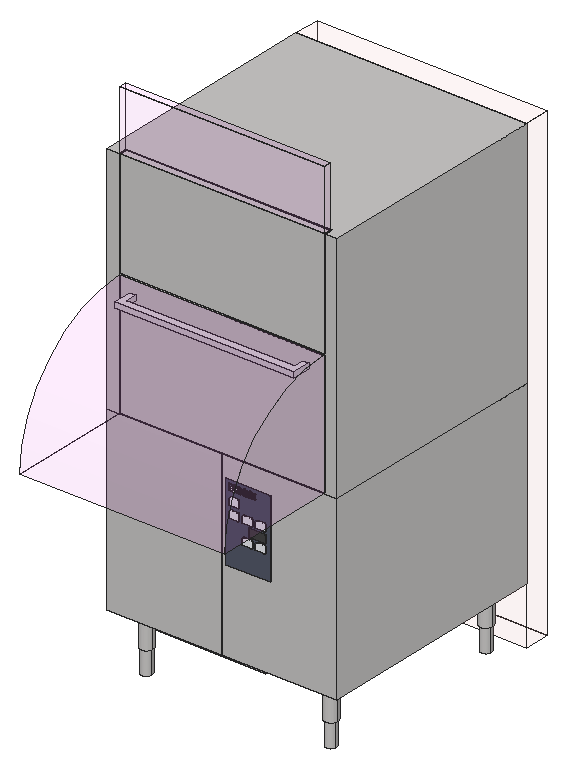
Revit family "QF_ELECTROLUXPROFESSIONAL_506049_EPPWESG60", category Attrezzature speciali, Revit 2020
Family settings
  Quota connettore circolare = Usa diametro
  Tipo di parte = Normale
  Basato su piano di lavoro = No
  Sempre verticale = Sì
  Taglio con vuoti quando caricato = No
  Condiviso = No
  Punto di calcolo locali = No
Parameters (values of type "Standard")
  Weight = 200.00 kg
  Watts = 13000 W
  Volts = 380 V
  URL Manufacturer = "https://www.electroluxprofessional.com/"
  URL = "https://www.electroluxprofessional.com/"
  Steam Supply Size = 0 mm
  Steam Supply Minimum Pressure = 0.0 Pa
  Steam Supply Maximum Pressure = 0.0 Pa
  Steam Consumption per Hour = 0
  Show Logo [instance] = yes
  Show Clearance [instance] = yes
  Refrigeration Suction Line Size = 0 mm
  Refrigeration Liquid Line Size = 0 mm
  Refrigerant Compressor Remote = yes
  Prospetto di default = 0 mm
  Produttore = "Electrolux Professional"
  Phase = 3
  Modello = "EPPWESG60"
  Length Actual = 876 mm  # constant formula
  Item Number = "506049"
  Hot Water Size = 19.05 mm
  Height Actual = 1791 mm  # constant formula
  HP = "17.4 HP"
  Gas Size = 0 mm
  Gas KW = 0
  Gas Input Pressure = 0 W
  Direct Waste Size = 20 mm
  Descrizione = "ELEC.POT&PAN WASH+DET-900MM-60HZ"
  Depth Actual = 900 mm  # constant formula
  Cycle = 60 Hz
  Condensate Return Size = 0 mm
  Compressed Air Volume = 0.0 L/s
  Compressed Air Size = 0 mm
  Compressed Air Pressure = 0.0 Pa
  Cold Water Size = 0 mm
  Accessory = yes
Reference planes
  plane 1 "Center (Front/Back)": y = 0
  plane 2: z = 0
  plane 3: x = -63
  plane 4 "LEFT": x = -501
  plane 5: x = 375
  plane 6: y = -450
  plane 7 "BACK": y = 450
  plane 8: z = 220
  plane 9: z = 115
  plane 10: z = 1791
Forms (mm)
  Extrusion 1, solid, material "QF_Finishes_Stainless Steel"
    sketch origin (88.519, -3.5, 0) x (1, 0, 0) y (0, 1, 0)
      loop
        line (-534.519, -88.5) -> (-534.519, -308.5) -> (-94.519, -308.5) -> (-94.519, -88.5) -> (-534.519, -88.5)
    from 115 to 220
  Extrusion 2, solid, material "QF_Finishes_Stainless Steel"
    sketch origin (0, 0, 0) x (1, 0, 0) y (0, 1, 0)
      loop
        line (-501, 450) -> (-501, -450) -> (-63, -450) -> (-63, 450) -> (-501, 450)
    from 220 to 904
  Extrusion 3, solid, material "QF_Finishes_Stainless Steel"
    sketch origin (0, 0, 0) x (1, 0, 0) y (0, 1, 0)
      loop
        line (-63, 450) -> (-63, -450) -> (375, -450) -> (375, 450) -> (-63, 450)
    from 220 to 904
  Extrusion 4, solid, material "QF_Finishes_Stainless Steel"
    sketch origin (0, 0, 0) x (1, 0, 0) y (0, 1, 0)
      loop
        line (-501, 450) -> (-501, -450) -> (-453, -450) -> (-453, -418) -> (327, -418) -> (327, -450) -> (375, -450) -> (375, 450) -> (-501, 450)
    from 904 to 1791
  Extrusion 5, solid, material "QF_Finishes_Stainless Steel"
    sketch origin (0, 0, 0) x (1, 0, 0) y (0, 1, 0)
      loop
        line (-453, -450) -> (327, -450) -> (327, -420) -> (-453, -420) -> (-453, -450)
    from 909 to 1377.938
  Extrusion 6, solid, material "QF_Finishes_Stainless Steel"
    sketch origin (0, 0, 0) x (1, 0, 0) y (0, 1, 0)
      loop
        line (-453, -450) -> (327, -450) -> (327, -420) -> (-453, -420) -> (-453, -450)
    from 1384.114 to 1791
  Extrusion 7, solid, material "QF_Finishes_Door Clearance", visible <- "Show Clearance"
    sketch origin (-229, -650, 546.718) x (0, 1, 0) y (0, 0, -1)
      loop
        line (200, -357.282) -> (-274, -357.282)
        arc (-274, -357.282) -> (-135.169, -692.45) -> (200, -831.282) r 474
        line (200, -831.282) -> (200, -357.282)
    from 224 to -556
  Extrusion 8, solid, material "QF_Finishes_Door Clearance", visible <- "Show Clearance"
    sketch origin (-229, -650, 1221.218) x (0, 1, 0) y (0, 0, -1)
      loop
        line (200, -569.782) -> (200, -798.782) -> (230, -798.782) -> (230, -569.782) -> (200, -569.782)
    from 224 to -556
  Extrusion 9, solid, material "QF_Finishes_Clearance", visible <- "Show Clearance"
    sketch origin (0, 0, 0) x (1, 0, 0) y (0, 1, 0)
      loop
        line (-501, 450) -> (375, 450) -> (375, 550) -> (-501, 550) -> (-501, 450)
    from 0 to 1791
  Extrusion 10, solid, material "QF_Finishes_Stainless Steel"
    sketch origin (-756.159, 1152.464, 214.383) x (1, 0, 0) y (0, 1, 0)
      loop
        circle (701.159, -772.464) r 10
    from -9.383 to 5.617
  Extrusion 11, solid, material "QF_Finishes_Stainless Steel"
    sketch origin (207.404, -238.023, 218) x (0, -1, 0) y (1, 0, 0)
      loop
        line (-163.023, 6.596) -> (-163.023, 26.596) -> (-183.023, 26.596) -> (-183.023, 6.596) -> (-163.023, 6.596)
    from 0 to 2
  Extrusion 12, solid, material "QF_Finishes_Stainless Steel"
    sketch origin (-127.596, 216.977, 218) x (0, -1, 0) y (1, 0, 0)
      loop
        line (-163.023, 6.596) -> (-163.023, 26.596) -> (-183.023, 26.596) -> (-183.023, 6.596) -> (-163.023, 6.596)
    from 0 to 2
  Extrusion 13, solid, material "QF_Finishes_Stainless Steel"
    sketch origin (-526.159, 606.464, 214.383) x (1, 0, 0) y (0, 1, 0)
      loop
        circle (701.159, -772.464) r 10
    from -9.383 to 5.617
  Extrusion 14, solid, material "QF_Finishes_Stainless Steel"
    sketch origin (-456.159, 516.464, 214.383) x (1, 0, 0) y (0, 1, 0)
      loop
        circle (701.159, -772.464) r 10
    from -9.383 to 5.617
Dimensions and locks
  equal spacing: plane 7 "BACK", plane 1 "Center (Front/Back)", plane 6
  plane 7 "BACK" to plane 6 = 900 mm  (x2)
  plane 4 "LEFT" to plane 5 = 876 mm
  equal spacing: Extrusion 2, Extrusion 4 sketch curve, Extrusion 4 sketch curve, Extrusion 4 sketch curve
  equal spacing: plane 5, plane 3, plane 4 "LEFT"
  plane 8 to level = 220 mm
  Extrusion 1 to Extrusion 1 = 220 mm
  Extrusion 1 to nested 2 to plane 6 = 59 mm, 79 mm
  Extrusion 9 to nested 1 to nested 2 = 83 mm, 738 mm
  plane 10 to level = 1791 mm
  Extrusion 8 to level = 2020 mm
  Extrusion 9 to Extrusion 7 = 1374 mm
  level to Extrusion 4 = 904 mm
  aligned and locked: level to plane 2
  aligned and locked: plane 8 to Extrusion 1
  aligned and locked: Extrusion 1 to plane 9
  aligned and locked: Extrusion 2 to plane 6
  aligned and locked: plane 7 "BACK" to Extrusion 2
  aligned and locked: Extrusion 2 to plane 4 "LEFT"
  aligned and locked: Extrusion 3 sketch curve to Extrusion 2  (x2)
  aligned and locked: plane 6 to Extrusion 3 sketch curve
  aligned and locked: Extrusion 3 sketch curve to plane 5
  aligned and locked: Extrusion 2 to plane 8
  aligned and locked: Extrusion 3 to plane 8
  aligned and locked: Extrusion 4 sketch curve to Extrusion 2  (x2)
  aligned and locked: Extrusion 5 sketch curve to plane 6
  aligned and locked: Extrusion 6 sketch curve to Extrusion 5  (x4)
  aligned and locked: Extrusion 6 to Extrusion 8 sketch curve
  aligned and locked: Extrusion 8 to Extrusion 6  (x2)
Automatic sketch dimensions
  plane 4 "LEFT" to Extrusion 1 sketch curve = 55 mm
  plane 3 to Extrusion 1 sketch curve = 57 mm
  plane 6 to Extrusion 1 sketch curve = 138 mm
  plane 1 "Center (Front/Back)" to Extrusion 1 sketch curve = 92 mm
  Extrusion 2 sketch curve to plane 4 "LEFT" = 0 mm
  Extrusion 2 sketch curve to plane 3 = 0 mm
  Extrusion 2 sketch curve to plane 6 = 0 mm
  Extrusion 2 sketch curve to plane 7 "BACK" = 0 mm
  Extrusion 4 sketch curve to plane 6 = 0 mm  (x2)
  Extrusion 4 sketch curve to plane 5 = 0 mm
  plane 4 "LEFT" to Extrusion 4 sketch curve = 48 mm
  Extrusion 4 sketch curve to Extrusion 4 sketch curve = 48 mm
  Extrusion 4 sketch curve to Extrusion 4 sketch curve = 32 mm
  plane 4 "LEFT" to Extrusion 5 sketch curve = 48 mm
  Extrusion 5 sketch curve to plane 5 = 48 mm
  Extrusion 5 sketch curve to Extrusion 5 sketch curve = 30 mm
  Extrusion 7 sketch curve to plane 6 = 0 mm
  Extrusion 7 sketch curve to plane 6 = 474 mm
  plane 10 to Extrusion 7 sketch curve = 413 mm
  Extrusion 8 sketch curve to plane 6 = 0 mm
  plane 10 to Extrusion 8 sketch curve = 0 mm
  Extrusion 8 sketch curve to Extrusion 8 sketch curve = 229 mm
  Extrusion 9 sketch curve to plane 4 "LEFT" = 0 mm
  Extrusion 9 sketch curve to plane 5 = 0 mm
  Extrusion 9 sketch curve to plane 7 "BACK" = 0 mm
  Extrusion 9 sketch curve to Extrusion 9 sketch curve = 100 mm
  Extrusion 10 sketch curve to plane 5 = 430 mm
  Extrusion 10 sketch curve to plane 7 "BACK" = 70 mm
  Extrusion 11 sketch curve to plane 7 "BACK" = 505 mm
  Extrusion 11 sketch curve to Extrusion 11 sketch curve = 20 mm  (x2)
  Extrusion 11 sketch curve to plane 5 = 161 mm
  Extrusion 12 sketch curve to plane 1 "Center (Front/Back)" = 400 mm
  Extrusion 12 sketch curve to Extrusion 12 sketch curve = 20 mm  (x2)
  Extrusion 12 sketch curve to plane 5 = 496 mm
  Extrusion 13 sketch curve to plane 5 = 200 mm
  Extrusion 13 sketch curve to plane 7 "BACK" = 616 mm
  Extrusion 14 sketch curve to plane 5 = 130 mm
  Extrusion 14 sketch curve to plane 7 "BACK" = 706 mm
  radius of Extrusion 10 sketch curve = 10 mm
  radius of Extrusion 13 sketch curve = 10 mm
  radius of Extrusion 14 sketch curve = 10 mm
Nested families
  nested 1: "Piedino H220 - DISHWASHING" at (288, 367, 0), type "Piedino H220 - DISHWASHING"
    with H 200 mm
  nested 2: "Piedino H220 - DISHWASHING" at (288, -371, 0), type "Piedino H220 - DISHWASHING"
    with H 200 mm
  nested 3: "Piedino H220 - DISHWASHING" at (-414, 367, 0) x (-1, 0, 0) z (0, 0, 1), type "Piedino H220 - DISHWASHING"
    with H 200 mm
  nested 4: "Piedino H220 - DISHWASHING" at (-414, -371, 0) x (-1, 0, 0) z (0, 0, 1), type "Piedino H220 - DISHWASHING"
    with H 200 mm
  nested 5: "MANIGLIA_DISHWASHING_SQUARE" at (-73, -450, 1321) x (1, 0, 0) z (0, -1, 0), type "MANIGLIA_DISHWASHING_SQUARE"
  nested 6: "Tastierino_LARGE_ROUNCORNER_DISHWASHING_BLUE" at (37, -450, 680) x (-1, 0, 0) z (0, -1, 0), type "Tastierino_LARGE_ROUNCORNER_DISHWASHING_BLUE"
    with Show Logo yes
  nested 7: "ELX_LOGO_MONO_SMALL_WHITE" at (-34.92, -450.8, 755) x (-1, 0, 0) z (0, -1, 0), type "ELX_LOGO_MONO_SMALL_WHITE"
    with Show Logo yes
  nested 8: "ELX_LOGO_WORDS_WHITE" at (27, -450.8, 804.211) x (1, 0, 0) z (0, -1, 0), type "ELX_LOGO_WORDS_WHITE"
    with Show Logo yes
Connectors
  piping at (-55, 380, 205), diameter 12.9
    settings: on Extrusion 10, index 48, connector inside diameter 609.6 mm, connector length 0 mm, flow factor 0, pipe flow 0.0 L/s, pressure drop 0.0 Pa, fitting loss kfactor 0, connector angle 0.00°, fixture units 0, engagement length 0 mm, angle of deflection 0.00°, flow configuration 0, flow direction 0, fitting loss method 0, system type 29, joint type 0, gender type 0, connector reference index -1, connector utility 0, adjustable connector no, is connector primary yes, connector description "D"
  electrical at (224, -65, 218)
    settings: on Extrusion 11, index 49, voltage 0 V, apparent load 0 VA, apparent load phase1 0 VA, apparent load phase2 0 VA, apparent load phase3 0 VA, power factor 1, load classification "Altro", number of poles 1, system type 30, power factor state 1, is connector primary yes, connector utility no, sub classification motor no, connector description "EI"
  electrical at (-111, 390, 218)
    settings: on Extrusion 12, index 50, voltage 0 V, apparent load 0 VA, apparent load phase1 0 VA, apparent load phase2 0 VA, apparent load phase3 0 VA, power factor 1, load classification "Altro", number of poles 1, system type 30, power factor state 1, is connector primary no, connector utility no, sub classification motor no, connector description "EQ"
  piping at (175, -166, 205), diameter 12.9
    settings: on Extrusion 13, index 51, connector inside diameter 609.6 mm, connector length 0 mm, flow factor 0, pipe flow 0.0 L/s, pressure drop 0.0 Pa, fitting loss kfactor 0, connector angle 0.00°, fixture units 0, engagement length 0 mm, angle of deflection 0.00°, flow configuration 0, flow direction 0, fitting loss method 0, system type 29, joint type 0, gender type 0, connector reference index -1, connector utility 0, adjustable connector no, is connector primary no, connector description "HWI"
  piping at (245, -256, 205), diameter 12.9
    settings: on Extrusion 14, index 52, connector inside diameter 609.6 mm, connector length 0 mm, flow factor 0, pipe flow 0.0 L/s, pressure drop 0.0 Pa, fitting loss kfactor 0, connector angle 0.00°, fixture units 0, engagement length 0 mm, angle of deflection 0.00°, flow configuration 0, flow direction 0, fitting loss method 0, system type 29, joint type 0, gender type 0, connector reference index -1, connector utility 0, adjustable connector no, is connector primary no, connector description "XD/XR"
Definition of nested family "Piedino H220 - DISHWASHING"
  Parameters (values of type "Piedino H220 - DISHWASHING")
    Default Elevation = 0 mm
    H [instance] = 200 mm
  Reference planes
    plane 1 "Centro (Fronte/Retro)": y = 0
    plane 2: z = 0
    plane 3 "Centro (Sinistra/Destra)": x = 0
    plane 4: z = 70.047
  Forms (mm)
    Revolve 1, solid
      sketch origin (55, 0, 0) x (-1, 0, 0) y (0, 0, -1)
        loop
          line (35, 0) -> (35, -90) -> (30, -90) -> (30, -220) -> (55, -220) -> (55, 0) -> (35, 0)
        axis (55, 0) -> (55, -220)
      angle from 0 to 360
  Dimensions and locks
    aligned and locked: level to plane 2
Definition of nested family "MANIGLIA_DISHWASHING_SQUARE"
  Parameters
    Default Elevation = 1219.2 mm
  Reference planes
    plane 1 "Centro (Fronte/Retro)": y = 0
    plane 2: z = 0
    plane 3 "Centro (Sinistra/Destra)": x = 0
    plane 4: z = 72
    plane 5: x = -340
    plane 6: x = 340
  Forms (mm)
    Extrusion 1, solid
      sketch origin (0, 0, 0) x (1, 0, 0) y (0, 1, 0)
        loop
          line (-1219.2, 1219.2) -> (-1219.2, -1219.2) -> (1219.2, -1219.2) -> (1219.2, 1219.2) -> (-1219.2, 1219.2)
      from 0 to -304.8
    Extrusion 2, solid
      sketch origin (0, 10.003, 0) x (1, 0, 0) y (0, 0, 1)
        loop
          line (-340, 0) -> (-320, 0) -> (-320, 42) -> (320, 42) -> (320, 0) -> (340, 0) -> (340, 72) -> (-340, 72) -> (-340, 0)
      from 0 to 20.005
  Dimensions and locks
    aligned and locked: plane 2 to Extrusion 1
    aligned and locked: level to Extrusion 1
Definition of nested family "Tastierino_LARGE_ROUNCORNER_DISHWASHING_BLUE"
  Parameters
    Show Logo [instance] = yes
    Default Elevation = 1219.2 mm
  Reference planes
    plane 1 "Centro (Fronte/Retro)": y = 0
    plane 2: z = 0
    plane 3 "Centro (Sinistra/Destra)": x = 0
  Forms (mm)
    Extrusion 1, solid
      sketch origin (0, 0, 0) x (1, 0, 0) y (0, 1, 0)
        loop
          line (-1219.2, 1219.2) -> (-1219.2, -1219.2) -> (1219.2, -1219.2) -> (1219.2, 1219.2) -> (-1219.2, 1219.2)
      from 0 to -304.8
    Extrusion 2, solid
      sketch origin (0, 0, 0) x (1, 0, 0) y (0, 1, 0)
        loop
          line (-84.444, 147.62) -> (-84.444, -147.62) -> (84.444, -147.62) -> (84.444, 147.62) -> (-84.444, 147.62)
        loop
          arc (-63.183, 58.723) -> (-64.598, 58.137) -> (-65.183, 56.723) r 2
          line (-65.183, 56.723) -> (-65.183, 30.723)
          arc (-65.183, 30.723) -> (-64.598, 29.308) -> (-63.183, 28.723) r 2
          line (-63.183, 28.723) -> (-40.183, 28.723)
          arc (-40.183, 28.723) -> (-29.577, 33.116) -> (-25.183, 43.723) r 15
          line (-25.183, 43.723) -> (-25.183, 56.723)
          arc (-25.183, 56.723) -> (-25.769, 58.137) -> (-27.183, 58.723) r 2
          line (-27.183, 58.723) -> (-63.183, 58.723)
        loop
          line (-65.183, 22.208) -> (-65.183, -7.792) -> (0, -7.792) -> (0, 22.208) -> (-65.183, 22.208)
        loop
          arc (-13.183, 58.723) -> (-14.598, 58.137) -> (-15.183, 56.723) r 2
          line (-15.183, 56.723) -> (-15.183, 30.723)
          arc (-15.183, 30.723) -> (-14.598, 29.308) -> (-13.183, 28.723) r 2
          line (-13.183, 28.723) -> (9.817, 28.723)
          arc (9.817, 28.723) -> (20.423, 33.116) -> (24.817, 43.723) r 15
          line (24.817, 43.723) -> (24.817, 56.723)
          arc (24.817, 56.723) -> (24.231, 58.137) -> (22.817, 58.723) r 2
          line (22.817, 58.723) -> (-13.183, 58.723)
        loop
          arc (-63.183, -16.277) -> (-64.598, -16.863) -> (-65.183, -18.277) r 2
          line (-65.183, -18.277) -> (-65.183, -44.277)
          arc (-65.183, -44.277) -> (-64.598, -45.692) -> (-63.183, -46.277) r 2
          line (-63.183, -46.277) -> (-40.183, -46.277)
          arc (-40.183, -46.277) -> (-29.577, -41.884) -> (-25.183, -31.277) r 15
          line (-25.183, -31.277) -> (-25.183, -18.277)
          arc (-25.183, -18.277) -> (-25.769, -16.863) -> (-27.183, -16.277) r 2
          line (-27.183, -16.277) -> (-63.183, -16.277)
        loop
          arc (-13.183, -16.277) -> (-14.598, -16.863) -> (-15.183, -18.277) r 2
          line (-15.183, -18.277) -> (-15.183, -44.277)
          arc (-15.183, -44.277) -> (-14.598, -45.692) -> (-13.183, -46.277) r 2
          line (-13.183, -46.277) -> (9.817, -46.277)
          arc (9.817, -46.277) -> (20.423, -41.884) -> (24.817, -31.277) r 15
          line (24.817, -31.277) -> (24.817, -18.277)
          arc (24.817, -18.277) -> (24.231, -16.863) -> (22.817, -16.277) r 2
          line (22.817, -16.277) -> (-13.183, -16.277)
        loop
          arc (36.817, -16.277) -> (35.402, -16.863) -> (34.817, -18.277) r 2
          line (34.817, -18.277) -> (34.817, -44.277)
          arc (34.817, -44.277) -> (35.402, -45.692) -> (36.817, -46.277) r 2
          line (36.817, -46.277) -> (59.817, -46.277)
          arc (59.817, -46.277) -> (70.423, -41.884) -> (74.817, -31.277) r 15
          line (74.817, -31.277) -> (74.817, -18.277)
          arc (74.817, -18.277) -> (74.231, -16.863) -> (72.817, -16.277) r 2
          line (72.817, -16.277) -> (36.817, -16.277)
        loop
          arc (36.817, -61.277) -> (35.402, -61.863) -> (34.817, -63.277) r 2
          line (34.817, -63.277) -> (34.817, -89.277)
          arc (34.817, -89.277) -> (35.402, -90.692) -> (36.817, -91.277) r 2
          line (36.817, -91.277) -> (59.817, -91.277)
          arc (59.817, -91.277) -> (70.423, -86.884) -> (74.817, -76.277) r 15
          line (74.817, -76.277) -> (74.817, -63.277)
          arc (74.817, -63.277) -> (74.231, -61.863) -> (72.817, -61.277) r 2
          line (72.817, -61.277) -> (36.817, -61.277)
      from 0 to 0.8
    Extrusion 3, solid
      sketch origin (0, 0, 0) x (1, 0, 0) y (0, 1, 0)
        loop
          line (-65.183, 22.208) -> (-65.183, -7.792) -> (0, -7.792) -> (0, 22.208) -> (-65.183, 22.208)
      from 0 to 0.8
    Extrusion 4, solid
      sketch origin (0, 0, 0) x (1, 0, 0) y (0, 1, 0)
        loop
          arc (-63.183, 58.723) -> (-64.598, 58.137) -> (-65.183, 56.723) r 2
          line (-65.183, 56.723) -> (-65.183, 30.723)
          arc (-65.183, 30.723) -> (-64.598, 29.308) -> (-63.183, 28.723) r 2
          line (-63.183, 28.723) -> (-40.183, 28.723)
          arc (-40.183, 28.723) -> (-29.577, 33.116) -> (-25.183, 43.723) r 15
          line (-25.183, 43.723) -> (-25.183, 56.723)
          arc (-25.183, 56.723) -> (-25.769, 58.137) -> (-27.183, 58.723) r 2
          line (-27.183, 58.723) -> (-63.183, 58.723)
        loop
          arc (-13.183, 58.723) -> (-14.598, 58.137) -> (-15.183, 56.723) r 2
          line (-15.183, 56.723) -> (-15.183, 30.723)
          arc (-15.183, 30.723) -> (-14.598, 29.308) -> (-13.183, 28.723) r 2
          line (-13.183, 28.723) -> (9.817, 28.723)
          arc (9.817, 28.723) -> (20.423, 33.116) -> (24.817, 43.723) r 15
          line (24.817, 43.723) -> (24.817, 56.723)
          arc (24.817, 56.723) -> (24.231, 58.137) -> (22.817, 58.723) r 2
          line (22.817, 58.723) -> (-13.183, 58.723)
        loop
          arc (-63.183, -16.277) -> (-64.598, -16.863) -> (-65.183, -18.277) r 2
          line (-65.183, -18.277) -> (-65.183, -44.277)
          arc (-65.183, -44.277) -> (-64.598, -45.692) -> (-63.183, -46.277) r 2
          line (-63.183, -46.277) -> (-40.183, -46.277)
          arc (-40.183, -46.277) -> (-29.577, -41.884) -> (-25.183, -31.277) r 15
          line (-25.183, -31.277) -> (-25.183, -18.277)
          arc (-25.183, -18.277) -> (-25.769, -16.863) -> (-27.183, -16.277) r 2
          line (-27.183, -16.277) -> (-63.183, -16.277)
        loop
          arc (-13.183, -16.277) -> (-14.598, -16.863) -> (-15.183, -18.277) r 2
          line (-15.183, -18.277) -> (-15.183, -44.277)
          arc (-15.183, -44.277) -> (-14.598, -45.692) -> (-13.183, -46.277) r 2
          line (-13.183, -46.277) -> (9.817, -46.277)
          arc (9.817, -46.277) -> (20.423, -41.884) -> (24.817, -31.277) r 15
          line (24.817, -31.277) -> (24.817, -18.277)
          arc (24.817, -18.277) -> (24.231, -16.863) -> (22.817, -16.277) r 2
          line (22.817, -16.277) -> (-13.183, -16.277)
        loop
          arc (36.817, -16.277) -> (35.402, -16.863) -> (34.817, -18.277) r 2
          line (34.817, -18.277) -> (34.817, -44.277)
          arc (34.817, -44.277) -> (35.402, -45.692) -> (36.817, -46.277) r 2
          line (36.817, -46.277) -> (59.817, -46.277)
          arc (59.817, -46.277) -> (70.423, -41.884) -> (74.817, -31.277) r 15
          line (74.817, -31.277) -> (74.817, -18.277)
          arc (74.817, -18.277) -> (74.231, -16.863) -> (72.817, -16.277) r 2
          line (72.817, -16.277) -> (36.817, -16.277)
        loop
          arc (36.817, -61.277) -> (35.402, -61.863) -> (34.817, -63.277) r 2
          line (34.817, -63.277) -> (34.817, -89.277)
          arc (34.817, -89.277) -> (35.402, -90.692) -> (36.817, -91.277) r 2
          line (36.817, -91.277) -> (59.817, -91.277)
          arc (59.817, -91.277) -> (70.423, -86.884) -> (74.817, -76.277) r 15
          line (74.817, -76.277) -> (74.817, -63.277)
          arc (74.817, -63.277) -> (74.231, -61.863) -> (72.817, -61.277) r 2
          line (72.817, -61.277) -> (36.817, -61.277)
      from 0 to 0.8
  Dimensions and locks
    aligned and locked: plane 2 to Extrusion 1
    aligned and locked: level to Extrusion 1
Definition of nested family "ELX_LOGO_MONO_SMALL_WHITE"
  Parameters (values of type "ELX_LOGO_MONO_SMALL_WHITE")
    Show Logo [instance] = yes
    Default Elevation = 1219.2 mm
  Reference planes
    plane 1 "Center (Front/Back)": y = -49
    plane 2: z = 0
    plane 3 "Center (Left/Right)": x = -9.92
  Forms (mm)
    Extrusion 1, solid
      sketch origin (0, 0, 0) x (1, 0, 0) y (0, 1, 0)
        loop
          line (-1219.2, 1219.2) -> (-1219.2, -1219.2) -> (1219.2, -1219.2) -> (1219.2, 1219.2) -> (-1219.2, 1219.2)
      from 0 to -304.8
    Extrusion 2, solid, visible <- "Show Logo"
      sketch origin (84.462, 509.781, 0) x (1, 0, 0) y (0, 1, 0)
        loop
          line (-97.736, -569.727) -> (-97.736, -547.891)
          arc (-97.736, -547.891) -> (-105.808, -558.809) -> (-97.736, -569.727) r 11.42
        loop
          arc (-96.625, -569.727) -> (-87.544, -567.663) -> (-83.169, -559.442) r 11.191
          line (-83.169, -559.442) -> (-86.782, -559.442)
          arc (-86.782, -559.442) -> (-93.235, -562.062) -> (-96.625, -568.146) r 10.49
          line (-96.625, -568.146) -> (-96.625, -569.727)
        loop
          arc (-96.625, -549.472) -> (-93.235, -555.557) -> (-86.782, -558.176) r 10.49
          line (-86.782, -558.176) -> (-83.169, -558.176)
          arc (-83.169, -558.176) -> (-87.537, -549.888) -> (-96.625, -547.611) r 11.484
          line (-96.625, -547.611) -> (-96.625, -549.472)
        loop
          line (-82.34, -570.919) -> (-82.34, -546.65) -> (-106.642, -546.65) -> (-106.642, -570.919) -> (-82.34, -570.919)
      from 0 to 1.644
  Dimensions and locks
    aligned and locked: plane 2 to Extrusion 1
    aligned and locked: level to Extrusion 1
Definition of nested family "ELX_LOGO_WORDS_WHITE"
  Parameters (values of type "ELX_LOGO_WORDS_WHITE")
    Show Logo [instance] = yes
    Default Elevation = 0 mm
  Reference planes
    plane 1 "Centro (Fronte/Retro)": y = 0
    plane 2: z = 0
    plane 3 "Centro (Sinistra/Destra)": x = 0
  Forms (mm)
    Extrusion 1, solid
      sketch origin (0, 0, 0) x (1, 0, 0) y (0, 1, 0)
        loop
          line (-1219.2, 1219.2) -> (-1219.2, -1219.2) -> (1219.2, -1219.2) -> (1219.2, 1219.2) -> (-1219.2, 1219.2)
      from 0 to -304.8
    Extrusion 2, solid, visible <- "Show Logo"
      sketch origin (0, 0, 0) x (1, 0, 0) y (0, 1, 0)
        loop
          line (-30.234, 10.561) -> (-37.67, 10.561) -> (-37.67, 1.902)
          arc (-37.67, 1.902) -> (-36.691, -0.461) -> (-34.329, -1.439) r 3.341
          line (-34.329, -1.439) -> (-30.09, -1.439) -> (-30.09, 0.503) -> (-33.845, 0.503)
          arc (-33.845, 0.503) -> (-35.079, 0.92) -> (-35.604, 2.112) r 1.615
          line (-35.604, 2.112) -> (-35.604, 3.829) -> (-30.555, 3.829) -> (-30.555, 5.779) -> (-35.604, 5.779) -> (-35.604, 8.617) -> (-30.234, 8.617) -> (-30.234, 10.561)
        loop
          line (-28.622, 10.561) -> (-28.622, -1.439) -> (-26.555, -1.439) -> (-26.555, 10.561) -> (-28.622, 10.561)
        loop
          line (16.27, 10.561) -> (16.27, -1.439) -> (18.338, -1.439) -> (18.338, 10.561) -> (16.27, 10.561)
        loop
          line (-23.137, 2.393) -> (-16.354, 2.393)
          arc (-16.354, 2.393) -> (-17.415, 6.119) -> (-21.043, 7.478) r 4.298
          arc (-21.043, 7.478) -> (-24.239, 5.857) -> (-25.151, 2.393) r 4.373
          arc (-25.151, 2.393) -> (-23.951, -0.505) -> (-21.053, -1.705) r 4.097
          arc (-21.053, -1.705) -> (-18.799, -1.372) -> (-16.908, -0.099) r 5.15
          line (-16.908, -0.099) -> (-18.133, 1.125)
          arc (-18.133, 1.125) -> (-19.74, 0.161) -> (-21.607, 0.323) r 3.039
          arc (-21.607, 0.323) -> (-22.746, 1.081) -> (-23.137, 2.393) r 2.013
        loop
          line (-23.085, 3.846) -> (-18.431, 3.846)
          arc (-18.431, 3.846) -> (-19.084, 5.22) -> (-20.519, 5.727) r 1.983
          arc (-20.519, 5.727) -> (-22.175, 5.295) -> (-23.085, 3.846) r 2.321
        loop
          line (-8.297, 4.711) -> (-6.999, 6.009)
          arc (-6.999, 6.009) -> (-8.627, 7.187) -> (-10.604, 7.539) r 4.497
          arc (-10.604, 7.539) -> (-13.621, 6.437) -> (-15.204, 3.642) r 4.652
          arc (-15.204, 3.642) -> (-12.536, -1.257) -> (-7.072, -0.127) r 4.684
          line (-7.072, -0.127) -> (-8.363, 1.163)
          arc (-8.363, 1.163) -> (-11.149, 0.242) -> (-13.145, 2.393) r 2.714
          arc (-13.145, 2.393) -> (-13.006, 4.094) -> (-11.835, 5.335) r 2.578
          arc (-11.835, 5.335) -> (-9.96, 5.621) -> (-8.297, 4.711) r 2.961
        loop
          line (-5.73, 10.561) -> (-5.73, 2.36)
          arc (-5.73, 2.36) -> (-5.551, 1.13) -> (-5.09, -0.025) r 5.301
          arc (-5.09, -0.025) -> (-3.615, -1.198) -> (-1.746, -1.445) r 3.531
          line (-1.746, -1.445) -> (-1.746, 0.492)
          arc (-1.746, 0.492) -> (-2.302, 0.534) -> (-2.82, 0.74) r 1.862
          arc (-2.82, 0.74) -> (-3.484, 1.442) -> (-3.662, 2.393) r 1.713
          line (-3.662, 2.393) -> (-3.662, 5.362) -> (-1.785, 5.362) -> (-1.785, 7.24) -> (-3.662, 7.24) -> (-3.662, 10.561) -> (-5.73, 10.561)
        loop
          arc (2.004, 3.123) -> (2.152, 3.988) -> (2.578, 4.755) r 2.607
          arc (2.578, 4.755) -> (3.817, 5.391) -> (5.208, 5.362) r 2.84
          line (5.208, 5.362) -> (5.208, 7.349)
          arc (5.208, 7.349) -> (3.39, 7.177) -> (2.004, 5.989) r 3.016
          line (2.004, 5.989) -> (2.004, 7.24) -> (-0.046, 7.24) -> (-0.046, -1.439) -> (2.004, -1.439) -> (2.004, 3.123)
        loop
          circle (10.262, 2.899) r 4.599
        loop
          circle (10.262, 2.899) r 2.787
        loop
          arc (25.793, 2.175) -> (25.283, 0.772) -> (23.898, 0.213) r 1.835
          arc (23.898, 0.213) -> (22.514, 0.772) -> (22.004, 2.175) r 1.835
          line (22.004, 2.175) -> (22.004, 7.24) -> (19.919, 7.24) -> (19.919, 2.003)
          arc (19.919, 2.003) -> (21.105, -0.701) -> (23.898, -1.659) r 3.675
          arc (23.898, -1.659) -> (26.723, -0.672) -> (27.877, 2.088) r 3.675
          line (27.877, 2.088) -> (27.877, 7.24) -> (25.793, 7.24) -> (25.793, 2.175)
        loop
          line (29.126, 7.24) -> (32.128, 3.164) -> (28.83, -1.442) -> (31.052, -1.442) -> (33.241, 1.615) -> (35.462, -1.442) -> (37.67, -1.442) -> (34.419, 3.211) -> (37.392, 7.24) -> (35.135, 7.24) -> (33.234, 4.663) -> (31.362, 7.24) -> (29.126, 7.24)
        loop
          line (-35.875, -6.414) -> (-37.523, -6.414) -> (-37.523, -10.564) -> (-36.621, -10.564) -> (-36.621, -9.135) -> (-35.625, -9.135)
          arc (-35.625, -9.135) -> (-34.509, -7.66) -> (-35.875, -6.414) r 1.372
        loop
          arc (-35.664, -8.32) -> (-35.322, -7.786) -> (-35.664, -7.253) r 0.587
          line (-35.664, -7.253) -> (-36.621, -7.253) -> (-36.621, -8.32) -> (-35.664, -8.32)
        loop
          line (-29.363, -6.414) -> (-31.04, -6.414) -> (-31.04, -10.564) -> (-30.138, -10.564) -> (-30.138, -9.135) -> (-29.265, -9.135) -> (-28.669, -10.564) -> (-27.7, -10.564) -> (-28.516, -8.814)
          arc (-28.516, -8.814) -> (-28.125, -8.347) -> (-27.994, -7.752) r 1.281
          arc (-27.994, -7.752) -> (-28.406, -6.804) -> (-29.363, -6.414) r 1.37
        loop
          line (-30.138, -7.253) -> (-30.138, -8.32) -> (-29.18, -8.32)
          arc (-29.18, -8.32) -> (-28.839, -7.786) -> (-29.18, -7.253) r 0.587
          line (-29.18, -7.253) -> (-30.138, -7.253)
        loop
          circle (-22.402, -8.489) r 2.156
        loop
          circle (-22.402, -8.489) r 1.368
        loop
          line (-16.703, -6.414) -> (-16.703, -10.564) -> (-15.823, -10.564) -> (-15.823, -9.114) -> (-14.261, -9.114) -> (-14.261, -8.184) -> (-15.823, -8.184) -> (-15.823, -7.308) -> (-14.111, -7.308) -> (-14.111, -6.414) -> (-16.703, -6.414)
        loop
          line (-10.611, -6.414) -> (-10.611, -9.216)
          arc (-10.611, -9.216) -> (-10.229, -10.166) -> (-9.284, -10.561) r 1.327
          line (-9.284, -10.561) -> (-7.945, -10.561) -> (-7.945, -9.777) -> (-9.204, -9.777)
          arc (-9.204, -9.777) -> (-9.668, -9.394) -> (-9.759, -8.799) r 0.845
          line (-9.759, -8.799) -> (-8.1, -8.799) -> (-8.1, -8.015) -> (-9.759, -8.015) -> (-9.759, -7.198) -> (-7.985, -7.198) -> (-7.985, -6.414) -> (-10.611, -6.414)
        loop
          arc (4.417, -6.94) -> (3.867, -6.489) -> (3.171, -6.345) r 1.485
          arc (3.171, -6.345) -> (2.528, -6.503) -> (2, -6.902) r 1.645
          arc (2, -6.902) -> (1.902, -7.844) -> (2.51, -8.571) r 1.217
          arc (2.51, -8.571) -> (3.021, -8.741) -> (3.506, -8.976) r 4.201
          arc (3.506, -8.976) -> (3.812, -9.337) -> (3.601, -9.761) r 0.43
          arc (3.601, -9.761) -> (3.209, -9.853) -> (2.819, -9.754) r 0.846
          arc (2.819, -9.754) -> (2.482, -9.511) -> (2.275, -9.15) r 0.983
          line (2.275, -9.15) -> (1.549, -9.489)
          arc (1.549, -9.489) -> (1.811, -9.993) -> (2.232, -10.374) r 1.595
          arc (2.232, -10.374) -> (2.71, -10.578) -> (3.227, -10.63) r 1.719
          arc (3.227, -10.63) -> (3.867, -10.503) -> (4.442, -10.197) r 2.246
          arc (4.442, -10.197) -> (4.697, -9.52) -> (4.566, -8.81) r 1.349
          arc (4.566, -8.81) -> (4.282, -8.482) -> (3.919, -8.245) r 1.564
          arc (3.919, -8.245) -> (3.46, -8.04) -> (2.99, -7.864) r 8.236
          arc (2.99, -7.864) -> (2.718, -7.441) -> (3.111, -7.128) r 0.375
          arc (3.111, -7.128) -> (3.581, -7.241) -> (3.943, -7.563) r 0.998
          line (3.943, -7.563) -> (4.417, -6.94)
        loop
          line (8.225, -6.414) -> (8.225, -10.561) -> (9.077, -10.561) -> (9.077, -6.414) -> (8.225, -6.414)
        loop
          circle (14.827, -8.488) r 1.29
        loop
          circle (14.827, -8.488) r 2.154
        loop
          line (20.548, -10.561) -> (21.409, -10.561) -> (21.409, -7.954) -> (23.306, -10.561) -> (24.135, -10.561) -> (24.135, -6.414) -> (23.274, -6.414) -> (23.274, -9.101) -> (21.377, -6.414) -> (20.548, -6.414) -> (20.548, -10.561)
        loop
          line (28.435, -10.561) -> (28.839, -9.667) -> (30.373, -9.667) -> (30.777, -10.561) -> (31.693, -10.561) -> (29.942, -6.414) -> (29.142, -6.414) -> (27.519, -10.561) -> (28.435, -10.561)
        loop
          line (29.99, -8.816) -> (29.579, -7.905) -> (29.18, -8.816) -> (29.99, -8.816)
        loop
          line (35.929, -9.777) -> (35.929, -6.414) -> (35.076, -6.414) -> (35.076, -10.561) -> (37.523, -10.561) -> (37.523, -9.777) -> (35.929, -9.777)
        loop
          arc (-1.8, -6.94) -> (-2.35, -6.489) -> (-3.046, -6.345) r 1.485
          arc (-3.046, -6.345) -> (-3.689, -6.503) -> (-4.218, -6.902) r 1.645
          arc (-4.218, -6.902) -> (-4.316, -7.844) -> (-3.708, -8.571) r 1.217
          arc (-3.708, -8.571) -> (-3.197, -8.741) -> (-2.712, -8.976) r 4.201
          arc (-2.712, -8.976) -> (-2.405, -9.337) -> (-2.616, -9.761) r 0.43
          arc (-2.616, -9.761) -> (-3.008, -9.853) -> (-3.399, -9.754) r 0.846
          arc (-3.399, -9.754) -> (-3.736, -9.511) -> (-3.942, -9.15) r 0.983
          line (-3.942, -9.15) -> (-4.668, -9.489)
          arc (-4.668, -9.489) -> (-4.407, -9.993) -> (-3.985, -10.374) r 1.595
          arc (-3.985, -10.374) -> (-3.507, -10.578) -> (-2.99, -10.63) r 1.719
          arc (-2.99, -10.63) -> (-2.351, -10.503) -> (-1.775, -10.197) r 2.246
          arc (-1.775, -10.197) -> (-1.521, -9.52) -> (-1.652, -8.81) r 1.349
          arc (-1.652, -8.81) -> (-1.936, -8.482) -> (-2.298, -8.245) r 1.564
          arc (-2.298, -8.245) -> (-2.757, -8.04) -> (-3.228, -7.864) r 8.236
          arc (-3.228, -7.864) -> (-3.5, -7.441) -> (-3.107, -7.128) r 0.375
          arc (-3.107, -7.128) -> (-2.636, -7.241) -> (-2.274, -7.563) r 0.998
          line (-2.274, -7.563) -> (-1.8, -6.94)
      from 0 to 1.644
  Dimensions and locks
    aligned and locked: plane 2 to Extrusion 1
    aligned and locked: level to Extrusion 1
